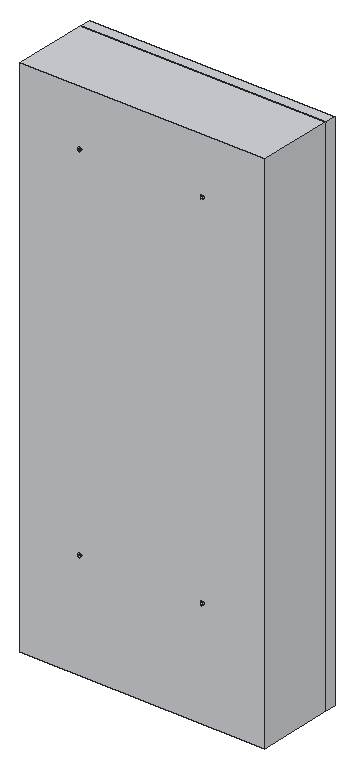
Revit family "AX8963_0002", category Appareils sanitaires, Revit 2016
Family settings
  Hôte = Mur
  Type d'élément = Normal
  Cote de connecteur circulaire = Utiliser le diamètre
  Numéro OmniClass = 23.75.00.00
  Titre OmniClass = Climate Control (HVAC)
  Toujours verticalement = Oui
  Couper avec des vides une fois chargée = Non
  Partagée = Non
  Point de calcul de pièce = Non
Parameters (values of type "Type 1")
  URL = "https://www.axeuro.com/fr/poubelles/25531-poubelle-murale-ax8963.html?search_query=ax8963&results=4"
  Modèle = "AX8963"  # constant formula
  Matériaux = "En inox 304 (18/10) Bactériostatique"  # constant formula
  Finition = "Brossé Poli Satiné HyperPolish"  # constant formula
  Fabricant = "Axeuro"  # constant formula
  Description = "Poubelle murale"  # constant formula
Reference planes
  plane 1 "Mur": y = 0
  plane 2 "Centre (gauche/droite)": x = 0
  plane 3 "Arrière": y = 75
Forms (mm)
  Extrusion 1, solid
    sketch origin (-85, 2.969, 0) x (0, 1, 0) y (0, 0, 1)
      loop
        line (174.031, 1739.299) -> (174.031, 1028.291) -> (189.031, 1028.291) -> (189.031, 1739.299) -> (174.031, 1739.299)
    from -80 to 250
  Extrusion 2, void
    sketch origin (552.568, 77.969, 153.664) x (1, 0, 0) y (0, 0, 1)
      loop
        line (-434.68, 1545.635) -> (-670.457, 1545.635)
        arc (-670.457, 1545.635) -> (-675.486, 1543.552) -> (-677.568, 1538.524) r 7.111
        line (-677.568, 1538.524) -> (-677.568, 1432.747)
        arc (-677.568, 1432.747) -> (-675.486, 1427.718) -> (-670.457, 1425.635) r 7.111
        line (-670.457, 1425.635) -> (-434.68, 1425.635)
        arc (-434.68, 1425.635) -> (-429.651, 1427.718) -> (-427.568, 1432.747) r 7.111
        line (-427.568, 1432.747) -> (-427.568, 1538.524)
        arc (-427.568, 1538.524) -> (-429.651, 1543.552) -> (-434.68, 1545.635) r 7.111
    from -114.031 to -99.031
  Extrusion 3, solid
    sketch origin (0, -103, 0) x (1, 0, 0) y (0, 1, 0)
      loop
        line (-165, 280) -> (-165, 178) -> (165, 178) -> (165, 280) -> (-165, 280)
    from 1028.291 to 1739.299
  Extrusion 4, void
    sketch origin (0, -103, 16) x (1, 0, 0) y (0, 0, 1)
      loop
        circle (-83.996, 1647.698) r 3
    from -180 to -178
  Extrusion 5, void
    sketch origin (165, -103, 16) x (1, 0, 0) y (0, 0, 1)
      loop
        circle (-83.996, 1647.698) r 3
    from -180 to -178
  Extrusion 6, void
    sketch origin (0, -103, -474) x (1, 0, 0) y (0, 0, 1)
      loop
        circle (-83.996, 1647.698) r 3
    from -180 to -178
  Extrusion 7, void
    sketch origin (165, -103, -474) x (1, 0, 0) y (0, 0, 1)
      loop
        circle (-83.996, 1647.698) r 3
    from -180 to -178
  Extrusion 8, solid
    sketch origin (0, 75, 0) x (1, 0, 0) y (0, 0, 1)
      loop
        line (124.9, 1586.411) -> (124.9, 1692.188)
        arc (124.9, 1692.188) -> (122.846, 1697.146) -> (117.889, 1699.199) r 7.011
        line (117.889, 1699.199) -> (-117.889, 1699.199)
        arc (-117.889, 1699.199) -> (-122.846, 1697.146) -> (-124.9, 1692.188) r 7.011
        line (-124.9, 1692.188) -> (-124.9, 1586.411)
        arc (-124.9, 1586.411) -> (-122.846, 1581.453) -> (-117.889, 1579.399) r 7.011
        line (-117.889, 1579.399) -> (117.889, 1579.399)
        arc (117.889, 1579.399) -> (122.846, 1581.453) -> (124.9, 1586.411) r 7.011
    from -117 to -102
Cuts and joins
  Extrusion 2 cuts Extrusion 1
  Extrusion 4, Extrusion 5, Extrusion 6, Extrusion 7 cuts Extrusion 3
Text (mm)
  text "Côté de la mise en place" at (-1820.995, 1116.779, 0), in view "Niveau de réf."
  text "Côté de la mise en place" at (0, 1334.055, 2976.191), in view "Gauche"
  text "Côté de la mise en place" at (0, 439.194, 2944.362), in view "Droite"
Dimensions and locks
  locked: plane 3 "Arrière" to host wall
  aligned and locked: plane 1 "Mur" to host wall
